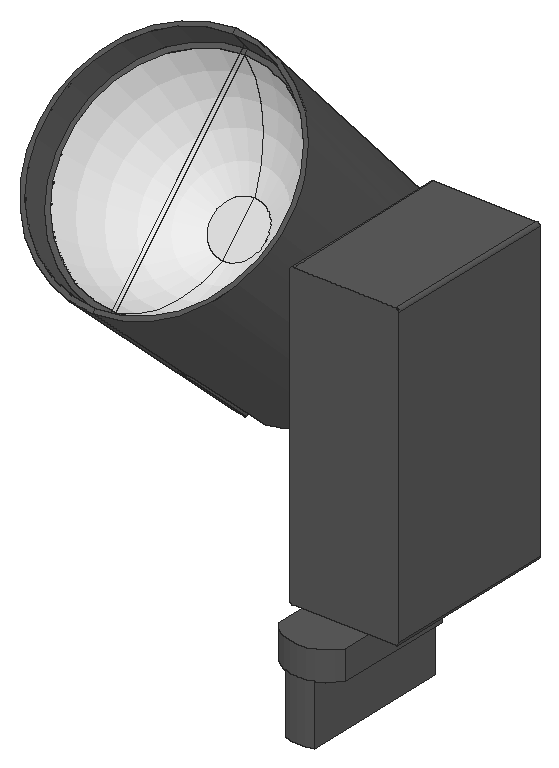
Revit family "0004902 Feilo Sylvania Lighting Fixture START TRACK SPOT L 35W 4K RA90 MB BLACK", category Lighting Fixtures, host Face, Revit 2017 (continued)
Definition of nested family "Start Track Spot Head"
  Types (96, lengths in mm): name | Wattage | built-in parameter 1150134 | Photometric Web File | Model | built-in parameter 1150105 | Lumens | built-in parameter 1150107 | built-in parameter 1150106 | HeadThickness_FEILO | HeadRibOffset_FEILO | HeadRibDepth_FEILO | HeadRibCutWidth_FEILO | HeadRibCutOffset_FEILO | HeadReflectorRadius_FEILO | HeadReflectorOffset_FEILO | HeadLEDRadius_FEILO | HeadHeight_FEILO | HeadDiffusorOffset_FEILO | HeadDiaOut_FEILO | HeadDiaIn_FEILO | HeadAxisFromTop_FEILO | Emit from Circle Diameter | built-in parameter 1150104 | Description | Apparent Load
    0004864 START TRACK SPOT S 24W 3K RA90 WB WHITE | 24 W | (empty or 0) | "0004864.ies" | "START TRACK SPOT S 24W 3K RA90 WB WHITE" | 152.79 (stored number, unit not read) | 1920 lm | 3000 (stored number, unit not read) | 1.5279 (stored number, unit not read) | 1.5 | 4.179 | 55.714 | 7.167 | 50.87 | 50.588 | 55.714 | 9.556 | 117 | 9.435 | 86 | 77.477 | 69.354 | 77.477 | 7.4322 (stored number, unit not read) | "Integrated LED spotlight, Textured White - RAL9016, compact and minimalist design, ideal for retail applications, die-cast aluminium body, passive cooling heatsink. Beam angle: 64°, color temperature: 3000K , total system power: 24W, total fixture output: 1928 lm, LOR: 100%, colour rendering: Ra: 90 typical, LED Chromaticity: 3 step MacAdam ellipse, lifetime: >50000 hours at L70B50, energy class: A++, A+, A, IR/UV free light source without heat radiation, operating voltage: 220-240V / 50-60Hz, drive current: 600mA, electronic driver, non-dimmable, power factor: 0.95, electrical protection: Class II, Global Track 3 Phase adapter suitable for Global trac 3-circuit tracks, ingress protection rating: IP20, suitable for internal environment only, horizontal rotation: 355°, vertical tilt: 90°, dimensions: Ø86x140x200, weight: 0.966kg." | 24 VA
    0004863 START TRACK SPOT S 24W 3K RA90 MB WHITE | 24 W | (empty or 0) | "0004863.ies" | "START TRACK SPOT S 24W 3K RA90 MB WHITE" | 154.7 (stored number, unit not read) | 1944 lm | 3000 (stored number, unit not read) | 1.547 (stored number, unit not read) | 1.5 | 4.179 | 55.714 | 7.167 | 50.87 | 50.588 | 55.714 | 9.556 | 117 | 9.435 | 86 | 77.477 | 69.354 | 77.477 | 7.5251 (stored number, unit not read) | "Integrated LED spotlight, Textured White - RAL9016, compact and minimalist design, ideal for retail applications, die-cast aluminium body, passive cooling heatsink. Beam angle: 36°, color temperature: 3000K , total system power: 24W, total fixture output: 1944 lm, LOR: 100%, colour rendering: Ra: 90 typical, LED Chromaticity: 3 step MacAdam ellipse, lifetime: >50000 hours at L70B50, energy class: A++, A+, A, IR/UV free light source without heat radiation, operating voltage: 220-240V / 50-60Hz, drive current: 600mA, electronic driver, non-dimmable, power factor: 0.95, electrical protection: Class II, Global Track 3 Phase adapter suitable for Global trac 3-circuit tracks, ingress protection rating: IP20, suitable for internal environment only, horizontal rotation: 355°, vertical tilt: 90°, dimensions: Ø86x140x200, weight: 0.966kg." | 24 VA
    0004862 START TRACK SPOT S 24W 3K RA90 NB WHITE | 24 W | (empty or 0) | "0004862.ies" | "START TRACK SPOT S 24W 3K RA90 NB WHITE" | 158.52 (stored number, unit not read) | 1992 lm | 3000 (stored number, unit not read) | 1.5852 (stored number, unit not read) | 1.5 | 4.179 | 55.714 | 7.167 | 50.87 | 50.588 | 55.714 | 9.556 | 117 | 9.435 | 86 | 77.477 | 69.354 | 77.477 | 7.711 (stored number, unit not read) | "Integrated LED spotlight, Textured White - RAL9016, compact and minimalist design, ideal for retail applications, die-cast aluminium body, passive cooling heatsink. Beam angle: 12°, color temperature: 3000K , total system power: 24W, total fixture output: 1987 lm, LOR: 100%, colour rendering: Ra: 90 typical, LED Chromaticity: 3 step MacAdam ellipse, lifetime: >50000 hours at L70B50, energy class: A++, A+, A, IR/UV free light source without heat radiation, operating voltage: 220-240V / 50-60Hz, drive current: 600mA, electronic driver, non-dimmable, power factor: 0.95, electrical protection: Class II, Global Track 3 Phase adapter suitable for Global trac 3-circuit tracks, ingress protection rating: IP20, suitable for internal environment only, horizontal rotation: 355°, vertical tilt: 90°, dimensions: Ø86x140x200, weight: 0.966kg." | 24 VA
    0004861 START TRACK SPOT S 14W 3K RA90 WB WHITE | 14 W | (empty or 0) | "0004861.ies" | "START TRACK SPOT S 14W 3K RA90 WB WHITE" | 100.27 (stored number, unit not read) | 1260 lm | 3000 (stored number, unit not read) | 1.0027 (stored number, unit not read) | 1.5 | 4.179 | 55.714 | 7.167 | 50.87 | 50.588 | 55.714 | 9.556 | 117 | 9.435 | 86 | 77.477 | 69.354 | 77.477 | 8.3613 (stored number, unit not read) | "Integrated LED spotlight, Textured White - RAL9016, compact and minimalist design, ideal for retail applications, die-cast aluminium body, passive cooling heatsink. Beam angle: 64°, color temperature: 3000K , total system power: 14W, total fixture output: 1262 lm, LOR: 100%, colour rendering: Ra: 90 typical, LED Chromaticity: 3 step MacAdam ellipse, lifetime: >50000 hours at L70B50, energy class: A++, A+, A, IR/UV free light source without heat radiation, operating voltage: 220-240V / 50-60Hz, drive current: 350mA, electronic driver, non-dimmable, power factor: 0.92, electrical protection: Class II, Global Track 3 Phase adapter suitable for Global trac 3-circuit tracks, ingress protection rating: IP20, suitable for internal environment only, horizontal rotation: 355°, vertical tilt: 90°, dimensions: Ø86x140x200, weight: 0.940kg." | 14 VA
    0004860 START TRACK SPOT S 14W 3K RA90 MB WHITE | 14 W | (empty or 0) | "0004860.ies" | "START TRACK SPOT S 14W 3K RA90 MB WHITE" | 100.27 (stored number, unit not read) | 1260 lm | 3000 (stored number, unit not read) | 1.0027 (stored number, unit not read) | 1.5 | 4.179 | 55.714 | 7.167 | 50.87 | 50.588 | 55.714 | 9.556 | 117 | 9.435 | 86 | 77.477 | 69.354 | 77.477 | 8.3613 (stored number, unit not read) | "Integrated LED spotlight, Textured White - RAL9016, compact and minimalist design, ideal for retail applications, die-cast aluminium body, passive cooling heatsink. Beam angle: 36°, color temperature: 3000K , total system power: 14W, total fixture output: 1262 lm, LOR: 100%, colour rendering: Ra: 90 typical, LED Chromaticity: 3 step MacAdam ellipse, lifetime: >50000 hours at L70B50, energy class: A++, A+, A, IR/UV free light source without heat radiation, operating voltage: 220-240V / 50-60Hz, drive current: 350mA, electronic driver, non-dimmable, power factor: 0.92, electrical protection: Class II, Global Track 3 Phase adapter suitable for Global trac 3-circuit tracks, ingress protection rating: IP20, suitable for internal environment only, horizontal rotation: 355°, vertical tilt: 90°, dimensions: Ø86x140x200, weight: 0.940kg." | 14 VA
    0004859 START TRACK SPOT S 14W 3K RA90 NB WHITE | 14 W | (empty or 0) | "0004859.ies" | "START TRACK SPOT S 14W 3K RA90 NB WHITE" | 102.5 (stored number, unit not read) | 1288 lm | 3000 (stored number, unit not read) | 1.025 (stored number, unit not read) | 1.5 | 4.179 | 55.714 | 7.167 | 50.87 | 50.588 | 55.714 | 9.556 | 117 | 9.435 | 86 | 77.477 | 69.354 | 77.477 | 8.5471 (stored number, unit not read) | "Integrated LED spotlight, Textured White - RAL9016, compact and minimalist design, ideal for retail applications, die-cast aluminium body, passive cooling heatsink. Beam angle: 12°, color temperature: 3000K , total system power: 14W, total fixture output: 1284 lm, LOR: 100%, colour rendering: Ra: 90 typical, LED Chromaticity: 3 step MacAdam ellipse, lifetime: >50000 hours at L70B50, energy class: A++, A+, A, IR/UV free light source without heat radiation, operating voltage: 220-240V / 50-60Hz, drive current: 350mA, electronic driver, non-dimmable, power factor: 0.92, electrical protection: Class II, Global Track 3 Phase adapter suitable for Global trac 3-circuit tracks, ingress protection rating: IP20, suitable for internal environment only, horizontal rotation: 355°, vertical tilt: 90°, dimensions: Ø86x140x200, weight: 0.940kg." | 14 VA
    0004858 START TRACK SPOT L 55W 4K RA80 WB BLACK | 55 W | 12 | "0004858.ies" | "START TRACK SPOT L 55W 4K RA80 WB BLACK" | 424.55 (stored number, unit not read) | 5335 lm | 4000 (stored number, unit not read) | 4.2455 (stored number, unit not read) | 2 | 4.429 | 59.048 | 9.417 | 53.913 | 66.471 | 59.048 | 12.556 | 124 | 10 | 113 | 101.802 | 73.503 | 101.802 | 9.0116 (stored number, unit not read) | "Integrated LED spotlight, Textured Black - RAL9005, compact and minimalist design, ideal for retail applications, die-cast aluminium body, passive cooling heatsink. Beam angle: 52°, color temperature: 4000K , total system power: 55W, total fixture output: 5320 lm, LOR: 100%, colour rendering: Ra: 80 typical, LED Chromaticity: 3 step MacAdam ellipse, lifetime: >50000 hours at L70B50, energy class: A++, A+, A, IR/UV free light source without heat radiation, operating voltage: 220-240V / 50-60Hz, drive current: 1400mA, electronic driver, non-dimmable, power factor: 0.96, electrical protection: Class II, Global Track 3 Phase adapter suitable for Global trac 3-circuit tracks, ingress protection rating: IP20, suitable for internal environment only, horizontal rotation: 355°, vertical tilt: 90°, dimensions: Ø113x164x240, weight: 1.398kg." | 55 VA
    0004857 START TRACK SPOT L 55W 4K RA80 MB BLACK | 55 W | 12 | "0004857.ies" | "START TRACK SPOT L 55W 4K RA80 MB BLACK" | 428.92 (stored number, unit not read) | 5390 lm | 4000 (stored number, unit not read) | 4.2892 (stored number, unit not read) | 2 | 4.429 | 59.048 | 9.417 | 53.913 | 66.471 | 59.048 | 12.556 | 124 | 10 | 113 | 101.802 | 73.503 | 101.802 | 9.1045 (stored number, unit not read) | "Integrated LED spotlight, Textured Black - RAL9005, compact and minimalist design, ideal for retail applications, die-cast aluminium body, passive cooling heatsink. Beam angle: 38°, color temperature: 4000K , total system power: 55W, total fixture output: 5378 lm, LOR: 100%, colour rendering: Ra: 80 typical, LED Chromaticity: 3 step MacAdam ellipse, lifetime: >50000 hours at L70B50, energy class: A++, A+, A, IR/UV free light source without heat radiation, operating voltage: 220-240V / 50-60Hz, drive current: 1400mA, electronic driver, non-dimmable, power factor: 0.96, electrical protection: Class II, Global Track 3 Phase adapter suitable for Global trac 3-circuit tracks, ingress protection rating: IP20, suitable for internal environment only, horizontal rotation: 355°, vertical tilt: 90°, dimensions: Ø113x164x240, weight: 1.398kg." | 55 VA
    0004856 START TRACK SPOT L 55W 4K RA80 NB BLACK | 55 W | 12 | "0004856.ies" | "START TRACK SPOT L 55W 4K RA80 NB BLACK" | 433.3 (stored number, unit not read) | 5445 lm | 4000 (stored number, unit not read) | 4.333 (stored number, unit not read) | 2 | 4.429 | 59.048 | 9.417 | 53.913 | 66.471 | 59.048 | 12.556 | 124 | 10 | 113 | 101.802 | 73.503 | 101.802 | 9.1974 (stored number, unit not read) | "Integrated LED spotlight, Textured Black - RAL9005, compact and minimalist design, ideal for retail applications, die-cast aluminium body, passive cooling heatsink. Beam angle: 15°, color temperature: 4000K , total system power: 55W, total fixture output: 5426 lm, LOR: 100%, colour rendering: Ra: 80 typical, LED Chromaticity: 3 step MacAdam ellipse, lifetime: >50000 hours at L70B50, energy class: A++, A+, A, IR/UV free light source without heat radiation, operating voltage: 220-240V / 50-60Hz, drive current: 1400mA, electronic driver, non-dimmable, power factor: 0.96, electrical protection: Class II, Global Track 3 Phase adapter suitable for Global trac 3-circuit tracks, ingress protection rating: IP20, suitable for internal environment only, horizontal rotation: 355°, vertical tilt: 90°, dimensions: Ø113x164x240, weight: 1.398kg." | 55 VA
    0004855 START TRACK SPOT L 35W 4K RA80 WB BLACK | 35 W | 12 | "0004855.ies" | "START TRACK SPOT L 35W 4K RA80 WB BLACK" | 320.3 (stored number, unit not read) | 4025 lm | 4000 (stored number, unit not read) | 3.203 (stored number, unit not read) | 2 | 4.429 | 59.048 | 9.417 | 53.913 | 66.471 | 59.048 | 12.556 | 124 | 10 | 113 | 101.802 | 73.503 | 101.802 | 10.684 (stored number, unit not read) | "Integrated LED spotlight, Textured Black - RAL9005, compact and minimalist design, ideal for retail applications, die-cast aluminium body, passive cooling heatsink. Beam angle: 52°, color temperature: 4000K , total system power: 35W, total fixture output: 4010 lm, LOR: 100%, colour rendering: Ra: 80 typical, LED Chromaticity: 3 step MacAdam ellipse, lifetime: >50000 hours at L70B50, energy class: A++, A+, A, IR/UV free light source without heat radiation, operating voltage: 220-240V / 50-60Hz, drive current: 900mA, electronic driver, non-dimmable, power factor: 0.93, electrical protection: Class II, Global Track 3 Phase adapter suitable for Global trac 3-circuit tracks, ingress protection rating: IP20, suitable for internal environment only, horizontal rotation: 355°, vertical tilt: 90°, dimensions: Ø113x164x240, weight: 1.368kg." | 35 VA
    0004854 START TRACK SPOT L 35W 4K RA80 MB BLACK | 35 W | 12 | "0004854.ies" | "START TRACK SPOT L 35W 4K RA80 MB BLACK" | 320.3 (stored number, unit not read) | 4025 lm | 4000 (stored number, unit not read) | 3.203 (stored number, unit not read) | 2 | 4.429 | 59.048 | 9.417 | 53.913 | 66.471 | 59.048 | 12.556 | 124 | 10 | 113 | 101.802 | 73.503 | 101.802 | 10.684 (stored number, unit not read) | "Integrated LED spotlight, Textured Black - RAL9005, compact and minimalist design, ideal for retail applications, die-cast aluminium body, passive cooling heatsink. Beam angle: 38°, color temperature: 4000K , total system power: 35W, total fixture output: 4017 lm, LOR: 100%, colour rendering: Ra: 80 typical, LED Chromaticity: 3 step MacAdam ellipse, lifetime: >50000 hours at L70B50, energy class: A++, A+, A, IR/UV free light source without heat radiation, operating voltage: 220-240V / 50-60Hz, drive current: 900mA, electronic driver, non-dimmable, power factor: 0.93, electrical protection: Class II, Global Track 3 Phase adapter suitable for Global trac 3-circuit tracks, ingress protection rating: IP20, suitable for internal environment only, horizontal rotation: 355°, vertical tilt: 90°, dimensions: Ø113x164x240, weight: 1.368kg." | 35 VA
    0004853 START TRACK SPOT L 35W 4K RA80 NB BLACK | 35 W | 12 | "0004853.ies" | "START TRACK SPOT L 35W 4K RA80 NB BLACK" | 331.44 (stored number, unit not read) | 4165 lm | 4000 (stored number, unit not read) | 3.3144 (stored number, unit not read) | 2 | 4.429 | 59.048 | 9.417 | 53.913 | 66.471 | 59.048 | 12.556 | 124 | 10 | 113 | 101.802 | 73.503 | 101.802 | 11.055 (stored number, unit not read) | "Integrated LED spotlight, Textured Black - RAL9005, compact and minimalist design, ideal for retail applications, die-cast aluminium body, passive cooling heatsink. Beam angle: 15°, color temperature: 4000K , total system power: 35W, total fixture output: 4174 lm, LOR: 100%, colour rendering: Ra: 80 typical, LED Chromaticity: 3 step MacAdam ellipse, lifetime: >50000 hours at L70B50, energy class: A++, A+, A, IR/UV free light source without heat radiation, operating voltage: 220-240V / 50-60Hz, drive current: 900mA, electronic driver, non-dimmable, power factor: 0.93, electrical protection: Class II, Global Track 3 Phase adapter suitable for Global trac 3-circuit tracks, ingress protection rating: IP20, suitable for internal environment only, horizontal rotation: 355°, vertical tilt: 90°, dimensions: Ø113x164x240, weight: 1.368kg." | 35 VA
    0004852 START TRACK SPOT S 24W 4K RA80 WB BLACK | 24 W | 12 | "0004852.ies" | "START TRACK SPOT S 24W 4K RA80 WB BLACK" | 196.72 (stored number, unit not read) | 2472 lm | 4000 (stored number, unit not read) | 1.9672 (stored number, unit not read) | 1.5 | 4.179 | 55.714 | 7.167 | 50.87 | 50.588 | 55.714 | 9.556 | 117 | 9.435 | 86 | 77.477 | 69.354 | 77.477 | 9.569 (stored number, unit not read) | "Integrated LED spotlight, Textured Black - RAL9005, compact and minimalist design, ideal for retail applications, die-cast aluminium body, passive cooling heatsink. Beam angle: 64°, color temperature: 4000K , total system power: 24W, total fixture output: 2476 lm, LOR: 100%, colour rendering: Ra: 80 typical, LED Chromaticity: 3 step MacAdam ellipse, lifetime: >50000 hours at L70B50, energy class: A++, A+, A, IR/UV free light source without heat radiation, operating voltage: 220-240V / 50-60Hz, drive current: 600mA, electronic driver, non-dimmable, power factor: 0.95, electrical protection: Class II, Global Track 3 Phase adapter suitable for Global trac 3-circuit tracks, ingress protection rating: IP20, suitable for internal environment only, horizontal rotation: 355°, vertical tilt: 90°, dimensions: Ø86x140x200, weight: 0.966kg." | 24 VA
    0004851 START TRACK SPOT S 24W 4K RA80 MB BLACK | 24 W | 12 | "0004851.ies" | "START TRACK SPOT S 24W 4K RA80 MB BLACK" | 198.63 (stored number, unit not read) | 2496 lm | 4000 (stored number, unit not read) | 1.9863 (stored number, unit not read) | 1.5 | 4.179 | 55.714 | 7.167 | 50.87 | 50.588 | 55.714 | 9.556 | 117 | 9.435 | 86 | 77.477 | 69.354 | 77.477 | 9.6619 (stored number, unit not read) | "Integrated LED spotlight, Textured Black - RAL9005, compact and minimalist design, ideal for retail applications, die-cast aluminium body, passive cooling heatsink. Beam angle: 36°, color temperature: 4000K , total system power: 24W, total fixture output: 2487 lm, LOR: 100%, colour rendering: Ra: 80 typical, LED Chromaticity: 3 step MacAdam ellipse, lifetime: >50000 hours at L70B50, energy class: A++, A+, A, IR/UV free light source without heat radiation, operating voltage: 220-240V / 50-60Hz, drive current: 600mA, electronic driver, non-dimmable, power factor: 0.95, electrical protection: Class II, Global Track 3 Phase adapter suitable for Global trac 3-circuit tracks, ingress protection rating: IP20, suitable for internal environment only, horizontal rotation: 355°, vertical tilt: 90°, dimensions: Ø86x140x200, weight: 0.966kg." | 24 VA
    0004850 START TRACK SPOT S 24W 4K RA80 NB BLACK | 24 W | 12 | "0004850.ies" | "START TRACK SPOT S 24W 4K RA80 NB BLACK" | 200.54 (stored number, unit not read) | 2520 lm | 4000 (stored number, unit not read) | 2.0054 (stored number, unit not read) | 1.5 | 4.179 | 55.714 | 7.167 | 50.87 | 50.588 | 55.714 | 9.556 | 117 | 9.435 | 86 | 77.477 | 69.354 | 77.477 | 9.7548 (stored number, unit not read) | "Integrated LED spotlight, Textured Black - RAL9005, compact and minimalist design, ideal for retail applications, die-cast aluminium body, passive cooling heatsink. Beam angle: 12°, color temperature: 4000K , total system power: 24W, total fixture output: 2529 lm, LOR: 100%, colour rendering: Ra: 80 typical, LED Chromaticity: 3 step MacAdam ellipse, lifetime: >50000 hours at L70B50, energy class: A++, A+, A, IR/UV free light source without heat radiation, operating voltage: 220-240V / 50-60Hz, drive current: 600mA, electronic driver, non-dimmable, power factor: 0.95, electrical protection: Class II, Global Track 3 Phase adapter suitable for Global trac 3-circuit tracks, ingress protection rating: IP20, suitable for internal environment only, horizontal rotation: 355°, vertical tilt: 90°, dimensions: Ø86x140x200, weight: 0.966kg." | 24 VA
    0004849 START TRACK SPOT S 14W 4K RA80 WB BLACK | 14 W | 12 | "0004849.ies" | "START TRACK SPOT S 14W 4K RA80 WB BLACK" | 123.66 (stored number, unit not read) | 1554 lm | 4000 (stored number, unit not read) | 1.2366 (stored number, unit not read) | 1.5 | 4.179 | 55.714 | 7.167 | 50.87 | 50.588 | 55.714 | 9.556 | 117 | 9.435 | 86 | 77.477 | 69.354 | 77.477 | 10.312 (stored number, unit not read) | "Integrated LED spotlight, Textured Black - RAL9005, compact and minimalist design, ideal for retail applications, die-cast aluminium body, passive cooling heatsink. Beam angle: 64°, color temperature: 4000K , total system power: 14W, total fixture output: 1558 lm, LOR: 100%, colour rendering: Ra: 80 typical, LED Chromaticity: 3 step MacAdam ellipse, lifetime: >50000 hours at L70B50, energy class: A++, A+, A, IR/UV free light source without heat radiation, operating voltage: 220-240V / 50-60Hz, drive current: 350mA, electronic driver, non-dimmable, power factor: 0.92, electrical protection: Class II, Global Track 3 Phase adapter suitable for Global trac 3-circuit tracks, ingress protection rating: IP20, suitable for internal environment only, horizontal rotation: 355°, vertical tilt: 90°, dimensions: Ø86x140x200, weight: 0.940kg." | 14 VA
    0004848 START TRACK SPOT S 14W 4K RA80 MB BLACK | 14 W | 12 | "0004848.ies" | "START TRACK SPOT S 14W 4K RA80 MB BLACK" | 127.01 (stored number, unit not read) | 1596 lm | 4000 (stored number, unit not read) | 1.2701 (stored number, unit not read) | 1.5 | 4.179 | 55.714 | 7.167 | 50.87 | 50.588 | 55.714 | 9.556 | 117 | 9.435 | 86 | 77.477 | 69.354 | 77.477 | 10.591 (stored number, unit not read) | "Integrated LED spotlight, Textured Black - RAL9005, compact and minimalist design, ideal for retail applications, die-cast aluminium body, passive cooling heatsink. Beam angle: 36°, color temperature: 4000K , total system power: 14W, total fixture output: 1598 lm, LOR: 100%, colour rendering: Ra: 80 typical, LED Chromaticity: 3 step MacAdam ellipse, lifetime: >50000 hours at L70B50, energy class: A++, A+, A, IR/UV free light source without heat radiation, operating voltage: 220-240V / 50-60Hz, drive current: 350mA, electronic driver, non-dimmable, power factor: 0.92, electrical protection: Class II, Global Track 3 Phase adapter suitable for Global trac 3-circuit tracks, ingress protection rating: IP20, suitable for internal environment only, horizontal rotation: 355°, vertical tilt: 90°, dimensions: Ø86x140x200, weight: 0.940kg." | 14 VA
    0004847 START TRACK SPOT S 14W 4K RA80 NB BLACK | 14 W | 12 | "0004847.ies" | "START TRACK SPOT S 14W 4K RA80 NB BLACK" | 128.12 (stored number, unit not read) | 1610 lm | 4000 (stored number, unit not read) | 1.2812 (stored number, unit not read) | 1.5 | 4.179 | 55.714 | 7.167 | 50.87 | 50.588 | 55.714 | 9.556 | 117 | 9.435 | 86 | 77.477 | 69.354 | 77.477 | 10.684 (stored number, unit not read) | "Integrated LED spotlight, Textured Black - RAL9005, compact and minimalist design, ideal for retail applications, die-cast aluminium body, passive cooling heatsink. Beam angle: 12°, color temperature: 4000K , total system power: 14W, total fixture output: 1608 lm, LOR: 100%, colour rendering: Ra: 80 typical, LED Chromaticity: 3 step MacAdam ellipse, lifetime: >50000 hours at L70B50, energy class: A++, A+, A, IR/UV free light source without heat radiation, operating voltage: 220-240V / 50-60Hz, drive current: 350mA, electronic driver, non-dimmable, power factor: 0.92, electrical protection: Class II, Global Track 3 Phase adapter suitable for Global trac 3-circuit tracks, ingress protection rating: IP20, suitable for internal environment only, horizontal rotation: 355°, vertical tilt: 90°, dimensions: Ø86x140x200, weight: 0.940kg." | 14 VA
    0004846 START TRACK SPOT L 55W 3K RA80 WB BLACK | 55 W | (empty or 0) | "0004846.ies" | "START TRACK SPOT L 55W 3K RA80 WB BLACK" | 420.17 (stored number, unit not read) | 5280 lm | 3000 (stored number, unit not read) | 4.2017 (stored number, unit not read) | 2 | 4.429 | 59.048 | 9.417 | 53.913 | 66.471 | 59.048 | 12.556 | 124 | 10 | 113 | 101.802 | 73.503 | 101.802 | 8.9187 (stored number, unit not read) | "Integrated LED spotlight, Textured Black - RAL9005, compact and minimalist design, ideal for retail applications, die-cast aluminium body, passive cooling heatsink. Beam angle: 52°, color temperature: 3000K , total system power: 55W, total fixture output: 5298 lm, LOR: 100%, colour rendering: Ra: 80 typical, LED Chromaticity: 3 step MacAdam ellipse, lifetime: >50000 hours at L70B50, energy class: A++, A+, A, IR/UV free light source without heat radiation, operating voltage: 220-240V / 50-60Hz, drive current: 1400mA, electronic driver, non-dimmable, power factor: 0.96, electrical protection: Class II, Global Track 3 Phase adapter suitable for Global trac 3-circuit tracks, ingress protection rating: IP20, suitable for internal environment only, horizontal rotation: 355°, vertical tilt: 90°, dimensions: Ø113x164x240, weight: 1.398kg." | 55 VA
    0004845 START TRACK SPOT L 55W 3K RA80 MB BLACK | 55 W | (empty or 0) | "0004845.ies" | "START TRACK SPOT L 55W 3K RA80 MB BLACK" | 428.92 (stored number, unit not read) | 5390 lm | 3000 (stored number, unit not read) | 4.2892 (stored number, unit not read) | 2 | 4.429 | 59.048 | 9.417 | 53.913 | 66.471 | 59.048 | 12.556 | 124 | 10 | 113 | 101.802 | 73.503 | 101.802 | 9.1045 (stored number, unit not read) | "Integrated LED spotlight, Textured Black - RAL9005, compact and minimalist design, ideal for retail applications, die-cast aluminium body, passive cooling heatsink. Beam angle: 38°, color temperature: 3000K , total system power: 55W, total fixture output: 5381 lm, LOR: 100%, colour rendering: Ra: 80 typical, LED Chromaticity: 3 step MacAdam ellipse, lifetime: >50000 hours at L70B50, energy class: A++, A+, A, IR/UV free light source without heat radiation, operating voltage: 220-240V / 50-60Hz, drive current: 1400mA, electronic driver, non-dimmable, power factor: 0.96, electrical protection: Class II, Global Track 3 Phase adapter suitable for Global trac 3-circuit tracks, ingress protection rating: IP20, suitable for internal environment only, horizontal rotation: 355°, vertical tilt: 90°, dimensions: Ø113x164x240, weight: 1.398kg." | 55 VA
    0004844 START TRACK SPOT L 55W 3K RA80 NB BLACK | 55 W | (empty or 0) | "0004844.ies" | "START TRACK SPOT L 55W 3K RA80 NB BLACK" | 433.3 (stored number, unit not read) | 5445 lm | 3000 (stored number, unit not read) | 4.333 (stored number, unit not read) | 2 | 4.429 | 59.048 | 9.417 | 53.913 | 66.471 | 59.048 | 12.556 | 124 | 10 | 113 | 101.802 | 73.503 | 101.802 | 9.1974 (stored number, unit not read) | "Integrated LED spotlight, Textured Black - RAL9005, compact and minimalist design, ideal for retail applications, die-cast aluminium body, passive cooling heatsink. Beam angle: 15°, color temperature: 3000K , total system power: 55W, total fixture output: 5449 lm, LOR: 100%, colour rendering: Ra: 80 typical, LED Chromaticity: 3 step MacAdam ellipse, lifetime: >50000 hours at L70B50, energy class: A++, A+, A, IR/UV free light source without heat radiation, operating voltage: 220-240V / 50-60Hz, drive current: 1400mA, electronic driver, non-dimmable, power factor: 0.96, electrical protection: Class II, Global Track 3 Phase adapter suitable for Global trac 3-circuit tracks, ingress protection rating: IP20, suitable for internal environment only, horizontal rotation: 355°, vertical tilt: 90°, dimensions: Ø113x164x240, weight: 1.398kg." | 55 VA
    0004843 START TRACK SPOT L 35W 3K RA80 WB BLACK | 35 W | (empty or 0) | "0004843.ies" | "START TRACK SPOT L 35W 3K RA80 WB BLACK" | 314.73 (stored number, unit not read) | 3955 lm | 3000 (stored number, unit not read) | 3.1473 (stored number, unit not read) | 2 | 4.429 | 59.048 | 9.417 | 53.913 | 66.471 | 59.048 | 12.556 | 124 | 10 | 113 | 101.802 | 73.503 | 101.802 | 10.498 (stored number, unit not read) | "Integrated LED spotlight, Textured Black - RAL9005, compact and minimalist design, ideal for retail applications, die-cast aluminium body, passive cooling heatsink. Beam angle: 52°, color temperature: 3000K , total system power: 35W, total fixture output: 3943 lm, LOR: 100%, colour rendering: Ra: 80 typical, LED Chromaticity: 3 step MacAdam ellipse, lifetime: >50000 hours at L70B50, energy class: A++, A+, A, IR/UV free light source without heat radiation, operating voltage: 220-240V / 50-60Hz, drive current: 900mA, electronic driver, non-dimmable, power factor: 0.93, electrical protection: Class II, Global Track 3 Phase adapter suitable for Global trac 3-circuit tracks, ingress protection rating: IP20, suitable for internal environment only, horizontal rotation: 355°, vertical tilt: 90°, dimensions: Ø113x164x240, weight: 1.368kg." | 35 VA
    0004842 START TRACK SPOT L 35W 3K RA80 MB BLACK | 35 W | (empty or 0) | "0004842.ies" | "START TRACK SPOT L 35W 3K RA80 MB BLACK" | 320.3 (stored number, unit not read) | 4025 lm | 3000 (stored number, unit not read) | 3.203 (stored number, unit not read) | 2 | 4.429 | 59.048 | 9.417 | 53.913 | 66.471 | 59.048 | 12.556 | 124 | 10 | 113 | 101.802 | 73.503 | 101.802 | 10.684 (stored number, unit not read) | "Integrated LED spotlight, Textured Black - RAL9005, compact and minimalist design, ideal for retail applications, die-cast aluminium body, passive cooling heatsink. Beam angle: 38°, color temperature: 3000K , total system power: 35W, total fixture output: 4008 lm, LOR: 100%, colour rendering: Ra: 80 typical, LED Chromaticity: 3 step MacAdam ellipse, lifetime: >50000 hours at L70B50, energy class: A++, A+, A, IR/UV free light source without heat radiation, operating voltage: 220-240V / 50-60Hz, drive current: 900mA, electronic driver, non-dimmable, power factor: 0.93, electrical protection: Class II, Global Track 3 Phase adapter suitable for Global trac 3-circuit tracks, ingress protection rating: IP20, suitable for internal environment only, horizontal rotation: 355°, vertical tilt: 90°, dimensions: Ø113x164x240, weight: 1.368kg." | 35 VA
    0004841 START TRACK SPOT L 35W 3K RA80 NB BLACK | 35 W | (empty or 0) | "0004841.ies" | "START TRACK SPOT L 35W 3K RA80 NB BLACK" | 317.51 (stored number, unit not read) | 3990 lm | 3000 (stored number, unit not read) | 3.1751 (stored number, unit not read) | 2 | 4.429 | 59.048 | 9.417 | 53.913 | 66.471 | 59.048 | 12.556 | 124 | 10 | 113 | 101.802 | 73.503 | 101.802 | 10.591 (stored number, unit not read) | "Integrated LED spotlight, Textured Black - RAL9005, compact and minimalist design, ideal for retail applications, die-cast aluminium body, passive cooling heatsink. Beam angle: 15°, color temperature: 3000K , total system power: 35W, total fixture output: 4005 lm, LOR: 100%, colour rendering: Ra: 80 typical, LED Chromaticity: 3 step MacAdam ellipse, lifetime: >50000 hours at L70B50, energy class: A++, A+, A, IR/UV free light source without heat radiation, operating voltage: 220-240V / 50-60Hz, drive current: 900mA, electronic driver, non-dimmable, power factor: 0.93, electrical protection: Class II, Global Track 3 Phase adapter suitable for Global trac 3-circuit tracks, ingress protection rating: IP20, suitable for internal environment only, horizontal rotation: 355°, vertical tilt: 90°, dimensions: Ø113x164x240, weight: 1.368kg." | 35 VA
    0004840 START TRACK SPOT S 24W 3K RA80 WB BLACK | 24 W | (empty or 0) | "0004840.ies" | "START TRACK SPOT S 24W 3K RA80 WB BLACK" | 185.26 (stored number, unit not read) | 2328 lm | 3000 (stored number, unit not read) | 1.8526 (stored number, unit not read) | 1.5 | 4.179 | 55.714 | 7.167 | 50.87 | 50.588 | 55.714 | 9.556 | 117 | 9.435 | 86 | 77.477 | 69.354 | 77.477 | 9.0116 (stored number, unit not read) | "Integrated LED spotlight, Textured Black - RAL9005, compact and minimalist design, ideal for retail applications, die-cast aluminium body, passive cooling heatsink. Beam angle: 64°, color temperature: 3000K , total system power: 24W, total fixture output: 2318 lm, LOR: 100%, colour rendering: Ra: 80 typical, LED Chromaticity: 3 step MacAdam ellipse, lifetime: >50000 hours at L70B50, energy class: A++, A+, A, IR/UV free light source without heat radiation, operating voltage: 220-240V / 50-60Hz, drive current: 600mA, electronic driver, non-dimmable, power factor: 0.95, electrical protection: Class II, Global Track 3 Phase adapter suitable for Global trac 3-circuit tracks, ingress protection rating: IP20, suitable for internal environment only, horizontal rotation: 355°, vertical tilt: 90°, dimensions: Ø86x140x200, weight: 0.966kg." | 24 VA
    0004839 START TRACK SPOT S 24W 3K RA80 MB BLACK | 24 W | (empty or 0) | "0004839.ies" | "START TRACK SPOT S 24W 3K RA80 MB BLACK" | 183.35 (stored number, unit not read) | 2304 lm | 3000 (stored number, unit not read) | 1.8335 (stored number, unit not read) | 1.5 | 4.179 | 55.714 | 7.167 | 50.87 | 50.588 | 55.714 | 9.556 | 117 | 9.435 | 86 | 77.477 | 69.354 | 77.477 | 8.9187 (stored number, unit not read) | "Integrated LED spotlight, Textured Black - RAL9005, compact and minimalist design, ideal for retail applications, die-cast aluminium body, passive cooling heatsink. Beam angle: 36°, color temperature: 3000K , total system power: 24W, total fixture output: 2314 lm, LOR: 100%, colour rendering: Ra: 80 typical, LED Chromaticity: 3 step MacAdam ellipse, lifetime: >50000 hours at L70B50, energy class: A++, A+, A, IR/UV free light source without heat radiation, operating voltage: 220-240V / 50-60Hz, drive current: 600mA, electronic driver, non-dimmable, power factor: 0.95, electrical protection: Class II, Global Track 3 Phase adapter suitable for Global trac 3-circuit tracks, ingress protection rating: IP20, suitable for internal environment only, horizontal rotation: 355°, vertical tilt: 90°, dimensions: Ø86x140x200, weight: 0.966kg." | 24 VA
    0004838 START TRACK SPOT S 24W 3K RA80 NB BLACK | 24 W | (empty or 0) | "0004838.ies" | "START TRACK SPOT S 24W 3K RA80 NB BLACK" | 185.26 (stored number, unit not read) | 2328 lm | 3000 (stored number, unit not read) | 1.8526 (stored number, unit not read) | 1.5 | 4.179 | 55.714 | 7.167 | 50.87 | 50.588 | 55.714 | 9.556 | 117 | 9.435 | 86 | 77.477 | 69.354 | 77.477 | 9.0116 (stored number, unit not read) | "Integrated LED spotlight, Textured Black - RAL9005, compact and minimalist design, ideal for retail applications, die-cast aluminium body, passive cooling heatsink. Beam angle: 12°, color temperature: 3000K , total system power: 24W, total fixture output: 2334 lm, LOR: 100%, colour rendering: Ra: 80 typical, LED Chromaticity: 3 step MacAdam ellipse, lifetime: >50000 hours at L70B50, energy class: A++, A+, A, IR/UV free light source without heat radiation, operating voltage: 220-240V / 50-60Hz, drive current: 600mA, electronic driver, non-dimmable, power factor: 0.95, electrical protection: Class II, Global Track 3 Phase adapter suitable for Global trac 3-circuit tracks, ingress protection rating: IP20, suitable for internal environment only, horizontal rotation: 355°, vertical tilt: 90°, dimensions: Ø86x140x200, weight: 0.966kg." | 24 VA
    0004837 START TRACK SPOT S 14W 3K RA80 WB BLACK | 14 W | (empty or 0) | "0004837.ies" | "START TRACK SPOT S 14W 3K RA80 WB BLACK" | 119.21 (stored number, unit not read) | 1498 lm | 3000 (stored number, unit not read) | 1.1921 (stored number, unit not read) | 1.5 | 4.179 | 55.714 | 7.167 | 50.87 | 50.588 | 55.714 | 9.556 | 117 | 9.435 | 86 | 77.477 | 69.354 | 77.477 | 9.9406 (stored number, unit not read) | "Integrated LED spotlight, Textured Black - RAL9005, compact and minimalist design, ideal for retail applications, die-cast aluminium body, passive cooling heatsink. Beam angle: 64°, color temperature: 3000K , total system power: 14W, total fixture output: 1498 lm, LOR: 100%, colour rendering: Ra: 80 typical, LED Chromaticity: 3 step MacAdam ellipse, lifetime: >50000 hours at L70B50, energy class: A++, A+, A, IR/UV free light source without heat radiation, operating voltage: 220-240V / 50-60Hz, drive current: 350mA, electronic driver, non-dimmable, power factor: 0.92, electrical protection: Class II, Global Track 3 Phase adapter suitable for Global trac 3-circuit tracks, ingress protection rating: IP20, suitable for internal environment only, horizontal rotation: 355°, vertical tilt: 90°, dimensions: Ø86x140x200, weight: 0.940kg." | 14 VA
    0004836 START TRACK SPOT S 14W 3K RA80 MB BLACK | 14 W | (empty or 0) | "0004836.ies" | "START TRACK SPOT S 14W 3K RA80 MB BLACK" | 120.32 (stored number, unit not read) | 1512 lm | 3000 (stored number, unit not read) | 1.2032 (stored number, unit not read) | 1.5 | 4.179 | 55.714 | 7.167 | 50.87 | 50.588 | 55.714 | 9.556 | 117 | 9.435 | 86 | 77.477 | 69.354 | 77.477 | 10.034 (stored number, unit not read) | "Integrated LED spotlight, Textured Black - RAL9005, compact and minimalist design, ideal for retail applications, die-cast aluminium body, passive cooling heatsink. Beam angle: 36°, color temperature: 3000K , total system power: 14W, total fixture output: 1508 lm, LOR: 100%, colour rendering: Ra: 80 typical, LED Chromaticity: 3 step MacAdam ellipse, lifetime: >50000 hours at L70B50, energy class: A++, A+, A, IR/UV free light source without heat radiation, operating voltage: 220-240V / 50-60Hz, drive current: 350mA, electronic driver, non-dimmable, power factor: 0.92, electrical protection: Class II, Global Track 3 Phase adapter suitable for Global trac 3-circuit tracks, ingress protection rating: IP20, suitable for internal environment only, horizontal rotation: 355°, vertical tilt: 90°, dimensions: Ø86x140x200, weight: 0.940kg." | 14 VA
    0004835 START TRACK SPOT S 14W 3K RA80 NB BLACK | 14 W | (empty or 0) | "0004835.ies" | "START TRACK SPOT S 14W 3K RA80 NB BLACK" | 123.66 (stored number, unit not read) | 1554 lm | 3000 (stored number, unit not read) | 1.2366 (stored number, unit not read) | 1.5 | 4.179 | 55.714 | 7.167 | 50.87 | 50.588 | 55.714 | 9.556 | 117 | 9.435 | 86 | 77.477 | 69.354 | 77.477 | 10.312 (stored number, unit not read) | "Integrated LED spotlight, Textured Black - RAL9005, compact and minimalist design, ideal for retail applications, die-cast aluminium body, passive cooling heatsink. Beam angle: 12°, color temperature: 3000K , total system power: 14W, total fixture output: 1551 lm, LOR: 100%, colour rendering: Ra: 80 typical, LED Chromaticity: 3 step MacAdam ellipse, lifetime: >50000 hours at L70B50, energy class: A++, A+, A, IR/UV free light source without heat radiation, operating voltage: 220-240V / 50-60Hz, drive current: 350mA, electronic driver, non-dimmable, power factor: 0.92, electrical protection: Class II, Global Track 3 Phase adapter suitable for Global trac 3-circuit tracks, ingress protection rating: IP20, suitable for internal environment only, horizontal rotation: 355°, vertical tilt: 90°, dimensions: Ø86x140x200, weight: 0.940kg." | 14 VA
    0004834 START TRACK SPOT L 55W 4K RA80 WB WHITE | 55 W | 12 | "0004834.ies" | "START TRACK SPOT L 55W 4K RA80 WB WHITE" | 424.55 (stored number, unit not read) | 5335 lm | 4000 (stored number, unit not read) | 4.2455 (stored number, unit not read) | 2 | 4.429 | 59.048 | 9.417 | 53.913 | 66.471 | 59.048 | 12.556 | 124 | 10 | 113 | 101.802 | 73.503 | 101.802 | 9.0116 (stored number, unit not read) | "Integrated LED spotlight, Textured White - RAL9016, compact and minimalist design, ideal for retail applications, die-cast aluminium body, passive cooling heatsink. Beam angle: 52°, color temperature: 4000K , total system power: 55W, total fixture output: 5320 lm, LOR: 100%, colour rendering: Ra: 80 typical, LED Chromaticity: 3 step MacAdam ellipse, lifetime: >50000 hours at L70B50, energy class: A++, A+, A, IR/UV free light source without heat radiation, operating voltage: 220-240V / 50-60Hz, drive current: 1400mA, electronic driver, non-dimmable, power factor: 0.96, electrical protection: Class II, Global Track 3 Phase adapter suitable for Global trac 3-circuit tracks, ingress protection rating: IP20, suitable for internal environment only, horizontal rotation: 355°, vertical tilt: 90°, dimensions: Ø113x164x240, weight: 1.398kg." | 55 VA
    0004833 START TRACK SPOT L 55W 4K RA80 MB WHITE | 55 W | 12 | "0004833.ies" | "START TRACK SPOT L 55W 4K RA80 MB WHITE" | 428.92 (stored number, unit not read) | 5390 lm | 4000 (stored number, unit not read) | 4.2892 (stored number, unit not read) | 2 | 4.429 | 59.048 | 9.417 | 53.913 | 66.471 | 59.048 | 12.556 | 124 | 10 | 113 | 101.802 | 73.503 | 101.802 | 9.1045 (stored number, unit not read) | "Integrated LED spotlight, Textured White - RAL9016, compact and minimalist design, ideal for retail applications, die-cast aluminium body, passive cooling heatsink. Beam angle: 38°, color temperature: 4000K , total system power: 55W, total fixture output: 5378 lm, LOR: 100%, colour rendering: Ra: 80 typical, LED Chromaticity: 3 step MacAdam ellipse, lifetime: >50000 hours at L70B50, energy class: A++, A+, A, IR/UV free light source without heat radiation, operating voltage: 220-240V / 50-60Hz, drive current: 1400mA, electronic driver, non-dimmable, power factor: 0.96, electrical protection: Class II, Global Track 3 Phase adapter suitable for Global trac 3-circuit tracks, ingress protection rating: IP20, suitable for internal environment only, horizontal rotation: 355°, vertical tilt: 90°, dimensions: Ø113x164x240, weight: 1.398kg." | 55 VA
    0004832 START TRACK SPOT L 55W 4K RA80 NB WHITE | 55 W | 12 | "0004832.ies" | "START TRACK SPOT L 55W 4K RA80 NB WHITE" | 433.3 (stored number, unit not read) | 5445 lm | 4000 (stored number, unit not read) | 4.333 (stored number, unit not read) | 2 | 4.429 | 59.048 | 9.417 | 53.913 | 66.471 | 59.048 | 12.556 | 124 | 10 | 113 | 101.802 | 73.503 | 101.802 | 9.1974 (stored number, unit not read) | "Integrated LED spotlight, Textured White - RAL9016, compact and minimalist design, ideal for retail applications, die-cast aluminium body, passive cooling heatsink. Beam angle: 15°, color temperature: 4000K , total system power: 55W, total fixture output: 5426 lm, LOR: 100%, colour rendering: Ra: 80 typical, LED Chromaticity: 3 step MacAdam ellipse, lifetime: >50000 hours at L70B50, energy class: A++, A+, A, IR/UV free light source without heat radiation, operating voltage: 220-240V / 50-60Hz, drive current: 1400mA, electronic driver, non-dimmable, power factor: 0.96, electrical protection: Class II, Global Track 3 Phase adapter suitable for Global trac 3-circuit tracks, ingress protection rating: IP20, suitable for internal environment only, horizontal rotation: 355°, vertical tilt: 90°, dimensions: Ø113x164x240, weight: 1.398kg." | 55 VA
    0004831 START TRACK SPOT L 35W 4K RA80 WB WHITE | 35 W | 12 | "0004831.ies" | "START TRACK SPOT L 35W 4K RA80 WB WHITE" | 320.3 (stored number, unit not read) | 4025 lm | 4000 (stored number, unit not read) | 3.203 (stored number, unit not read) | 2 | 4.429 | 59.048 | 9.417 | 53.913 | 66.471 | 59.048 | 12.556 | 124 | 10 | 113 | 101.802 | 73.503 | 101.802 | 10.684 (stored number, unit not read) | "Integrated LED spotlight, Textured White - RAL9016, compact and minimalist design, ideal for retail applications, die-cast aluminium body, passive cooling heatsink. Beam angle: 52°, color temperature: 4000K , total system power: 35W, total fixture output: 4010 lm, LOR: 100%, colour rendering: Ra: 80 typical, LED Chromaticity: 3 step MacAdam ellipse, lifetime: >50000 hours at L70B50, energy class: A++, A+, A, IR/UV free light source without heat radiation, operating voltage: 220-240V / 50-60Hz, drive current: 900mA, electronic driver, non-dimmable, power factor: 0.93, electrical protection: Class II, Global Track 3 Phase adapter suitable for Global trac 3-circuit tracks, ingress protection rating: IP20, suitable for internal environment only, horizontal rotation: 355°, vertical tilt: 90°, dimensions: Ø113x164x240, weight: 1.368kg." | 35 VA
    0004830 START TRACK SPOT L 35W 4K RA80 MB WHITE | 35 W | 12 | "0004830.ies" | "START TRACK SPOT L 35W 4K RA80 MB WHITE" | 320.3 (stored number, unit not read) | 4025 lm | 4000 (stored number, unit not read) | 3.203 (stored number, unit not read) | 2 | 4.429 | 59.048 | 9.417 | 53.913 | 66.471 | 59.048 | 12.556 | 124 | 10 | 113 | 101.802 | 73.503 | 101.802 | 10.684 (stored number, unit not read) | "Integrated LED spotlight, Textured White - RAL9016, compact and minimalist design, ideal for retail applications, die-cast aluminium body, passive cooling heatsink. Beam angle: 38°, color temperature: 4000K , total system power: 35W, total fixture output: 4017 lm, LOR: 100%, colour rendering: Ra: 80 typical, LED Chromaticity: 3 step MacAdam ellipse, lifetime: >50000 hours at L70B50, energy class: A++, A+, A, IR/UV free light source without heat radiation, operating voltage: 220-240V / 50-60Hz, drive current: 900mA, electronic driver, non-dimmable, power factor: 0.93, electrical protection: Class II, Global Track 3 Phase adapter suitable for Global trac 3-circuit tracks, ingress protection rating: IP20, suitable for internal environment only, horizontal rotation: 355°, vertical tilt: 90°, dimensions: Ø113x164x240, weight: 1.368kg." | 35 VA
    0004829 START TRACK SPOT L 35W 4K RA80 NB WHITE | 35 W | 12 | "0004829.ies" | "START TRACK SPOT L 35W 4K RA80 NB WHITE" | 331.44 (stored number, unit not read) | 4165 lm | 4000 (stored number, unit not read) | 3.3144 (stored number, unit not read) | 2 | 4.429 | 59.048 | 9.417 | 53.913 | 66.471 | 59.048 | 12.556 | 124 | 10 | 113 | 101.802 | 73.503 | 101.802 | 11.055 (stored number, unit not read) | "Integrated LED spotlight, Textured White - RAL9016, compact and minimalist design, ideal for retail applications, die-cast aluminium body, passive cooling heatsink. Beam angle: 15°, color temperature: 4000K , total system power: 35W, total fixture output: 4174 lm, LOR: 100%, colour rendering: Ra: 80 typical, LED Chromaticity: 3 step MacAdam ellipse, lifetime: >50000 hours at L70B50, energy class: A++, A+, A, IR/UV free light source without heat radiation, operating voltage: 220-240V / 50-60Hz, drive current: 900mA, electronic driver, non-dimmable, power factor: 0.93, electrical protection: Class II, Global Track 3 Phase adapter suitable for Global trac 3-circuit tracks, ingress protection rating: IP20, suitable for internal environment only, horizontal rotation: 355°, vertical tilt: 90°, dimensions: Ø113x164x240, weight: 1.368kg." | 35 VA
    0004828 START TRACK SPOT S 24W 4K RA80 WB WHITE | 24 W | 12 | "0004828.ies" | "START TRACK SPOT S 24W 4K RA80 WB WHITE" | 196.72 (stored number, unit not read) | 2472 lm | 4000 (stored number, unit not read) | 1.9672 (stored number, unit not read) | 1.5 | 4.179 | 55.714 | 7.167 | 50.87 | 50.588 | 55.714 | 9.556 | 117 | 9.435 | 86 | 77.477 | 69.354 | 77.477 | 9.569 (stored number, unit not read) | "Integrated LED spotlight, Textured White - RAL9016, compact and minimalist design, ideal for retail applications, die-cast aluminium body, passive cooling heatsink. Beam angle: 64°, color temperature: 4000K , total system power: 24W, total fixture output: 2476 lm, LOR: 100%, colour rendering: Ra: 80 typical, LED Chromaticity: 3 step MacAdam ellipse, lifetime: >50000 hours at L70B50, energy class: A++, A+, A, IR/UV free light source without heat radiation, operating voltage: 220-240V / 50-60Hz, drive current: 600mA, electronic driver, non-dimmable, power factor: 0.95, electrical protection: Class II, Global Track 3 Phase adapter suitable for Global trac 3-circuit tracks, ingress protection rating: IP20, suitable for internal environment only, horizontal rotation: 355°, vertical tilt: 90°, dimensions: Ø86x140x200, weight: 0.966kg." | 24 VA
    0004827 START TRACK SPOT S 24W 4K RA80 MB WHITE | 24 W | 12 | "0004827.ies" | "START TRACK SPOT S 24W 4K RA80 MB WHITE" | 198.63 (stored number, unit not read) | 2496 lm | 4000 (stored number, unit not read) | 1.9863 (stored number, unit not read) | 1.5 | 4.179 | 55.714 | 7.167 | 50.87 | 50.588 | 55.714 | 9.556 | 117 | 9.435 | 86 | 77.477 | 69.354 | 77.477 | 9.6619 (stored number, unit not read) | "Integrated LED spotlight, Textured White - RAL9016, compact and minimalist design, ideal for retail applications, die-cast aluminium body, passive cooling heatsink. Beam angle: 36°, color temperature: 4000K , total system power: 24W, total fixture output: 2487 lm, LOR: 100%, colour rendering: Ra: 80 typical, LED Chromaticity: 3 step MacAdam ellipse, lifetime: >50000 hours at L70B50, energy class: A++, A+, A, IR/UV free light source without heat radiation, operating voltage: 220-240V / 50-60Hz, drive current: 600mA, electronic driver, non-dimmable, power factor: 0.95, electrical protection: Class II, Global Track 3 Phase adapter suitable for Global trac 3-circuit tracks, ingress protection rating: IP20, suitable for internal environment only, horizontal rotation: 355°, vertical tilt: 90°, dimensions: Ø86x140x200, weight: 0.966kg." | 24 VA
    0004826 START TRACK SPOT S 24W 4K RA80 NB WHITE | 24 W | 12 | "0004826.ies" | "START TRACK SPOT S 24W 4K RA80 NB WHITE" | 200.54 (stored number, unit not read) | 2520 lm | 4000 (stored number, unit not read) | 2.0054 (stored number, unit not read) | 1.5 | 4.179 | 55.714 | 7.167 | 50.87 | 50.588 | 55.714 | 9.556 | 117 | 9.435 | 86 | 77.477 | 69.354 | 77.477 | 9.7548 (stored number, unit not read) | "Integrated LED spotlight, Textured White - RAL9016, compact and minimalist design, ideal for retail applications, die-cast aluminium body, passive cooling heatsink. Beam angle: 12°, color temperature: 4000K , total system power: 24W, total fixture output: 2529 lm, LOR: 100%, colour rendering: Ra: 80 typical, LED Chromaticity: 3 step MacAdam ellipse, lifetime: >50000 hours at L70B50, energy class: A++, A+, A, IR/UV free light source without heat radiation, operating voltage: 220-240V / 50-60Hz, drive current: 600mA, electronic driver, non-dimmable, power factor: 0.95, electrical protection: Class II, Global Track 3 Phase adapter suitable for Global trac 3-circuit tracks, ingress protection rating: IP20, suitable for internal environment only, horizontal rotation: 355°, vertical tilt: 90°, dimensions: Ø86x140x200, weight: 0.966kg." | 24 VA
    0004825 START TRACK SPOT S 14W 4K RA80 WB WHITE | 14 W | 12 | "0004825.ies" | "START TRACK SPOT S 14W 4K RA80 WB WHITE" | 123.66 (stored number, unit not read) | 1554 lm | 4000 (stored number, unit not read) | 1.2366 (stored number, unit not read) | 1.5 | 4.179 | 55.714 | 7.167 | 50.87 | 50.588 | 55.714 | 9.556 | 117 | 9.435 | 86 | 77.477 | 69.354 | 77.477 | 10.312 (stored number, unit not read) | "Integrated LED spotlight, Textured White - RAL9016, compact and minimalist design, ideal for retail applications, die-cast aluminium body, passive cooling heatsink. Beam angle: 64°, color temperature: 4000K , total system power: 14W, total fixture output: 1558 lm, LOR: 100%, colour rendering: Ra: 80 typical, LED Chromaticity: 3 step MacAdam ellipse, lifetime: >50000 hours at L70B50, energy class: A++, A+, A, IR/UV free light source without heat radiation, operating voltage: 220-240V / 50-60Hz, drive current: 350mA, electronic driver, non-dimmable, power factor: 0.92, electrical protection: Class II, Global Track 3 Phase adapter suitable for Global trac 3-circuit tracks, ingress protection rating: IP20, suitable for internal environment only, horizontal rotation: 355°, vertical tilt: 90°, dimensions: Ø86x140x200, weight: 0.940kg." | 14 VA
    0004824 START TRACK SPOT S 14W 4K RA80 MB WHITE | 14 W | 12 | "0004824.ies" | "START TRACK SPOT S 14W 4K RA80 MB WHITE" | 127.01 (stored number, unit not read) | 1596 lm | 4000 (stored number, unit not read) | 1.2701 (stored number, unit not read) | 1.5 | 4.179 | 55.714 | 7.167 | 50.87 | 50.588 | 55.714 | 9.556 | 117 | 9.435 | 86 | 77.477 | 69.354 | 77.477 | 10.591 (stored number, unit not read) | "Integrated LED spotlight, Textured White - RAL9016, compact and minimalist design, ideal for retail applications, die-cast aluminium body, passive cooling heatsink. Beam angle: 36°, color temperature: 4000K , total system power: 14W, total fixture output: 1598 lm, LOR: 100%, colour rendering: Ra: 80 typical, LED Chromaticity: 3 step MacAdam ellipse, lifetime: >50000 hours at L70B50, energy class: A++, A+, A, IR/UV free light source without heat radiation, operating voltage: 220-240V / 50-60Hz, drive current: 350mA, electronic driver, non-dimmable, power factor: 0.92, electrical protection: Class II, Global Track 3 Phase adapter suitable for Global trac 3-circuit tracks, ingress protection rating: IP20, suitable for internal environment only, horizontal rotation: 355°, vertical tilt: 90°, dimensions: Ø86x140x200, weight: 0.940kg." | 14 VA
    0004823 START TRACK SPOT S 14W 4K RA80 NB WHITE | 14 W | 12 | "0004823.ies" | "START TRACK SPOT S 14W 4K RA80 NB WHITE" | 128.12 (stored number, unit not read) | 1610 lm | 4000 (stored number, unit not read) | 1.2812 (stored number, unit not read) | 1.5 | 4.179 | 55.714 | 7.167 | 50.87 | 50.588 | 55.714 | 9.556 | 117 | 9.435 | 86 | 77.477 | 69.354 | 77.477 | 10.684 (stored number, unit not read) | "Integrated LED spotlight, Textured White - RAL9016, compact and minimalist design, ideal for retail applications, die-cast aluminium body, passive cooling heatsink. Beam angle: 12°, color temperature: 4000K , total system power: 14W, total fixture output: 1608 lm, LOR: 100%, colour rendering: Ra: 80 typical, LED Chromaticity: 3 step MacAdam ellipse, lifetime: >50000 hours at L70B50, energy class: A++, A+, A, IR/UV free light source without heat radiation, operating voltage: 220-240V / 50-60Hz, drive current: 350mA, electronic driver, non-dimmable, power factor: 0.92, electrical protection: Class II, Global Track 3 Phase adapter suitable for Global trac 3-circuit tracks, ingress protection rating: IP20, suitable for internal environment only, horizontal rotation: 355°, vertical tilt: 90°, dimensions: Ø86x140x200, weight: 0.940kg." | 14 VA
    0004822 START TRACK SPOT L 55W 3K RA80 WB WHITE | 55 W | (empty or 0) | "0004822.ies" | "START TRACK SPOT L 55W 3K RA80 WB WHITE" | 420.17 (stored number, unit not read) | 5280 lm | 3000 (stored number, unit not read) | 4.2017 (stored number, unit not read) | 2 | 4.429 | 59.048 | 9.417 | 53.913 | 66.471 | 59.048 | 12.556 | 124 | 10 | 113 | 101.802 | 73.503 | 101.802 | 8.9187 (stored number, unit not read) | "Integrated LED spotlight, Textured White - RAL9016, compact and minimalist design, ideal for retail applications, die-cast aluminium body, passive cooling heatsink. Beam angle: 52°, color temperature: 3000K , total system power: 55W, total fixture output: 5298 lm, LOR: 100%, colour rendering: Ra: 80 typical, LED Chromaticity: 3 step MacAdam ellipse, lifetime: >50000 hours at L70B50, energy class: A++, A+, A, IR/UV free light source without heat radiation, operating voltage: 220-240V / 50-60Hz, drive current: 1400mA, electronic driver, non-dimmable, power factor: 0.96, electrical protection: Class II, Global Track 3 Phase adapter suitable for Global trac 3-circuit tracks, ingress protection rating: IP20, suitable for internal environment only, horizontal rotation: 355°, vertical tilt: 90°, dimensions: Ø113x164x240, weight: 1.398kg." | 55 VA
    0004821 START TRACK SPOT L 55W 3K RA80 MB WHITE | 55 W | (empty or 0) | "0004821.ies" | "START TRACK SPOT L 55W 3K RA80 MB WHITE" | 428.92 (stored number, unit not read) | 5390 lm | 3000 (stored number, unit not read) | 4.2892 (stored number, unit not read) | 2 | 4.429 | 59.048 | 9.417 | 53.913 | 66.471 | 59.048 | 12.556 | 124 | 10 | 113 | 101.802 | 73.503 | 101.802 | 9.1045 (stored number, unit not read) | "Integrated LED spotlight, Textured White - RAL9016, compact and minimalist design, ideal for retail applications, die-cast aluminium body, passive cooling heatsink. Beam angle: 38°, color temperature: 3000K , total system power: 55W, total fixture output: 5381 lm, LOR: 100%, colour rendering: Ra: 80 typical, LED Chromaticity: 3 step MacAdam ellipse, lifetime: >50000 hours at L70B50, energy class: A++, A+, A, IR/UV free light source without heat radiation, operating voltage: 220-240V / 50-60Hz, drive current: 1400mA, electronic driver, non-dimmable, power factor: 0.96, electrical protection: Class II, Global Track 3 Phase adapter suitable for Global trac 3-circuit tracks, ingress protection rating: IP20, suitable for internal environment only, horizontal rotation: 355°, vertical tilt: 90°, dimensions: Ø113x164x240, weight: 1.398kg." | 55 VA
    0004820 START TRACK SPOT L 55W 3K RA80 NB WHITE | 55 W | (empty or 0) | "0004820.ies" | "START TRACK SPOT L 55W 3K RA80 NB WHITE" | 433.3 (stored number, unit not read) | 5445 lm | 3000 (stored number, unit not read) | 4.333 (stored number, unit not read) | 2 | 4.429 | 59.048 | 9.417 | 53.913 | 66.471 | 59.048 | 12.556 | 124 | 10 | 113 | 101.802 | 73.503 | 101.802 | 9.1974 (stored number, unit not read) | "Integrated LED spotlight, Textured White - RAL9016, compact and minimalist design, ideal for retail applications, die-cast aluminium body, passive cooling heatsink. Beam angle: 15°, color temperature: 3000K , total system power: 55W, total fixture output: 5449 lm, LOR: 100%, colour rendering: Ra: 80 typical, LED Chromaticity: 3 step MacAdam ellipse, lifetime: >50000 hours at L70B50, energy class: A++, A+, A, IR/UV free light source without heat radiation, operating voltage: 220-240V / 50-60Hz, drive current: 1400mA, electronic driver, non-dimmable, power factor: 0.96, electrical protection: Class II, Global Track 3 Phase adapter suitable for Global trac 3-circuit tracks, ingress protection rating: IP20, suitable for internal environment only, horizontal rotation: 355°, vertical tilt: 90°, dimensions: Ø113x164x240, weight: 1.398kg." | 55 VA
    0004819 START TRACK SPOT L 35W 3K RA80 WB WHITE | 35 W | (empty or 0) | "0004819.ies" | "START TRACK SPOT L 35W 3K RA80 WB WHITE" | 314.73 (stored number, unit not read) | 3955 lm | 3000 (stored number, unit not read) | 3.1473 (stored number, unit not read) | 2 | 4.429 | 59.048 | 9.417 | 53.913 | 66.471 | 59.048 | 12.556 | 124 | 10 | 113 | 101.802 | 73.503 | 101.802 | 10.498 (stored number, unit not read) | "Integrated LED spotlight, Textured White - RAL9016, compact and minimalist design, ideal for retail applications, die-cast aluminium body, passive cooling heatsink. Beam angle: 52°, color temperature: 3000K , total system power: 35W, total fixture output: 3943 lm, LOR: 100%, colour rendering: Ra: 80 typical, LED Chromaticity: 3 step MacAdam ellipse, lifetime: >50000 hours at L70B50, energy class: A++, A+, A, IR/UV free light source without heat radiation, operating voltage: 220-240V / 50-60Hz, drive current: 900mA, electronic driver, non-dimmable, power factor: 0.93, electrical protection: Class II, Global Track 3 Phase adapter suitable for Global trac 3-circuit tracks, ingress protection rating: IP20, suitable for internal environment only, horizontal rotation: 355°, vertical tilt: 90°, dimensions: Ø113x164x240, weight: 1.368kg." | 35 VA
    0004818 START TRACK SPOT L 35W 3K RA80 MB WHITE | 35 W | (empty or 0) | "0004818.ies" | "START TRACK SPOT L 35W 3K RA80 MB WHITE" | 320.3 (stored number, unit not read) | 4025 lm | 3000 (stored number, unit not read) | 3.203 (stored number, unit not read) | 2 | 4.429 | 59.048 | 9.417 | 53.913 | 66.471 | 59.048 | 12.556 | 124 | 10 | 113 | 101.802 | 73.503 | 101.802 | 10.684 (stored number, unit not read) | "Integrated LED spotlight, Textured White - RAL9016, compact and minimalist design, ideal for retail applications, die-cast aluminium body, passive cooling heatsink. Beam angle: 38°, color temperature: 3000K , total system power: 35W, total fixture output: 4008 lm, LOR: 100%, colour rendering: Ra: 80 typical, LED Chromaticity: 3 step MacAdam ellipse, lifetime: >50000 hours at L70B50, energy class: A++, A+, A, IR/UV free light source without heat radiation, operating voltage: 220-240V / 50-60Hz, drive current: 900mA, electronic driver, non-dimmable, power factor: 0.93, electrical protection: Class II, Global Track 3 Phase adapter suitable for Global trac 3-circuit tracks, ingress protection rating: IP20, suitable for internal environment only, horizontal rotation: 355°, vertical tilt: 90°, dimensions: Ø113x164x240, weight: 1.368kg." | 35 VA
    0004817 START TRACK SPOT L 35W 3K RA80 NB WHITE | 35 W | (empty or 0) | "0004817.ies" | "START TRACK SPOT L 35W 3K RA80 NB WHITE" | 317.51 (stored number, unit not read) | 3990 lm | 3000 (stored number, unit not read) | 3.1751 (stored number, unit not read) | 2 | 4.429 | 59.048 | 9.417 | 53.913 | 66.471 | 59.048 | 12.556 | 124 | 10 | 113 | 101.802 | 73.503 | 101.802 | 10.591 (stored number, unit not read) | "Integrated LED spotlight, Textured White - RAL9016, compact and minimalist design, ideal for retail applications, die-cast aluminium body, passive cooling heatsink. Beam angle: 15°, color temperature: 3000K , total system power: 35W, total fixture output: 4005 lm, LOR: 100%, colour rendering: Ra: 80 typical, LED Chromaticity: 3 step MacAdam ellipse, lifetime: >50000 hours at L70B50, energy class: A++, A+, A, IR/UV free light source without heat radiation, operating voltage: 220-240V / 50-60Hz, drive current: 900mA, electronic driver, non-dimmable, power factor: 0.93, electrical protection: Class II, Global Track 3 Phase adapter suitable for Global trac 3-circuit tracks, ingress protection rating: IP20, suitable for internal environment only, horizontal rotation: 355°, vertical tilt: 90°, dimensions: Ø113x164x240, weight: 1.368kg." | 35 VA
    0004816 START TRACK SPOT S 24W 3K RA80 WB WHITE | 24 W | (empty or 0) | "0004816.ies" | "START TRACK SPOT S 24W 3K RA80 WB WHITE" | 185.26 (stored number, unit not read) | 2328 lm | 3000 (stored number, unit not read) | 1.8526 (stored number, unit not read) | 1.5 | 4.179 | 55.714 | 7.167 | 50.87 | 50.588 | 55.714 | 9.556 | 117 | 9.435 | 86 | 77.477 | 69.354 | 77.477 | 9.0116 (stored number, unit not read) | "Integrated LED spotlight, Textured White - RAL9016, compact and minimalist design, ideal for retail applications, die-cast aluminium body, passive cooling heatsink. Beam angle: 64°, color temperature: 3000K , total system power: 24W, total fixture output: 2318 lm, LOR: 100%, colour rendering: Ra: 80 typical, LED Chromaticity: 3 step MacAdam ellipse, lifetime: >50000 hours at L70B50, energy class: A++, A+, A, IR/UV free light source without heat radiation, operating voltage: 220-240V / 50-60Hz, drive current: 600mA, electronic driver, non-dimmable, power factor: 0.95, electrical protection: Class II, Global Track 3 Phase adapter suitable for Global trac 3-circuit tracks, ingress protection rating: IP20, suitable for internal environment only, horizontal rotation: 355°, vertical tilt: 90°, dimensions: Ø86x140x200, weight: 0.966kg." | 24 VA
    0004815 START TRACK SPOT S 24W 3K RA80 MB WHITE | 24 W | (empty or 0) | "0004815.ies" | "START TRACK SPOT S 24W 3K RA80 MB WHITE" | 183.35 (stored number, unit not read) | 2304 lm | 3000 (stored number, unit not read) | 1.8335 (stored number, unit not read) | 1.5 | 4.179 | 55.714 | 7.167 | 50.87 | 50.588 | 55.714 | 9.556 | 117 | 9.435 | 86 | 77.477 | 69.354 | 77.477 | 8.9187 (stored number, unit not read) | "Integrated LED spotlight, Textured White - RAL9016, compact and minimalist design, ideal for retail applications, die-cast aluminium body, passive cooling heatsink. Beam angle: 36°, color temperature: 3000K , total system power: 24W, total fixture output: 2314 lm, LOR: 100%, colour rendering: Ra: 80 typical, LED Chromaticity: 3 step MacAdam ellipse, lifetime: >50000 hours at L70B50, energy class: A++, A+, A, IR/UV free light source without heat radiation, operating voltage: 220-240V / 50-60Hz, drive current: 600mA, electronic driver, non-dimmable, power factor: 0.95, electrical protection: Class II, Global Track 3 Phase adapter suitable for Global trac 3-circuit tracks, ingress protection rating: IP20, suitable for internal environment only, horizontal rotation: 355°, vertical tilt: 90°, dimensions: Ø86x140x200, weight: 0.966kg." | 24 VA
    0004814 START TRACK SPOT S 24W 3K RA80 NB WHITE | 24 W | (empty or 0) | "0004814.ies" | "START TRACK SPOT S 24W 3K RA80 NB WHITE" | 185.26 (stored number, unit not read) | 2328 lm | 3000 (stored number, unit not read) | 1.8526 (stored number, unit not read) | 1.5 | 4.179 | 55.714 | 7.167 | 50.87 | 50.588 | 55.714 | 9.556 | 117 | 9.435 | 86 | 77.477 | 69.354 | 77.477 | 9.0116 (stored number, unit not read) | "Integrated LED spotlight, Textured White - RAL9016, compact and minimalist design, ideal for retail applications, die-cast aluminium body, passive cooling heatsink. Beam angle: 12°, color temperature: 3000K , total system power: 24W, total fixture output: 2334 lm, LOR: 100%, colour rendering: Ra: 80 typical, LED Chromaticity: 3 step MacAdam ellipse, lifetime: >50000 hours at L70B50, energy class: A++, A+, A, IR/UV free light source without heat radiation, operating voltage: 220-240V / 50-60Hz, drive current: 600mA, electronic driver, non-dimmable, power factor: 0.95, electrical protection: Class II, Global Track 3 Phase adapter suitable for Global trac 3-circuit tracks, ingress protection rating: IP20, suitable for internal environment only, horizontal rotation: 355°, vertical tilt: 90°, dimensions: Ø86x140x200, weight: 0.966kg." | 24 VA
    0004813 START TRACK SPOT S 14W 3K RA80 WB WHITE | 14 W | (empty or 0) | "0004813.ies" | "START TRACK SPOT S 14W 3K RA80 WB WHITE" | 119.21 (stored number, unit not read) | 1498 lm | 3000 (stored number, unit not read) | 1.1921 (stored number, unit not read) | 1.5 | 4.179 | 55.714 | 7.167 | 50.87 | 50.588 | 55.714 | 9.556 | 117 | 9.435 | 86 | 77.477 | 69.354 | 77.477 | 9.9406 (stored number, unit not read) | "Integrated LED spotlight, Textured White - RAL9016, compact and minimalist design, ideal for retail applications, die-cast aluminium body, passive cooling heatsink. Beam angle: 64°, color temperature: 3000K , total system power: 14W, total fixture output: 1498 lm, LOR: 100%, colour rendering: Ra: 80 typical, LED Chromaticity: 3 step MacAdam ellipse, lifetime: >50000 hours at L70B50, energy class: A++, A+, A, IR/UV free light source without heat radiation, operating voltage: 220-240V / 50-60Hz, drive current: 350mA, electronic driver, non-dimmable, power factor: 0.92, electrical protection: Class II, Global Track 3 Phase adapter suitable for Global trac 3-circuit tracks, ingress protection rating: IP20, suitable for internal environment only, horizontal rotation: 355°, vertical tilt: 90°, dimensions: Ø86x140x200, weight: 0.940kg." | 14 VA
